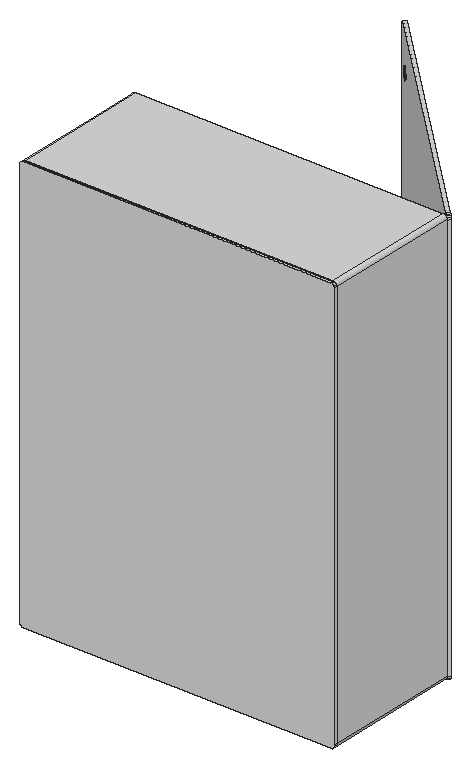
Revit family "Building-ContenitoriParete-GEWISS-46QM-QUADRI-METALLO_PORTA_CIECA", category Attrezzatura elettrica, host Muro, Revit 2016
Family settings
  Host = Muro
  Configurazione quadro = Due colonne, circuiti in orizzontale
  Tipo di parte = Pannello comandi
  Quota connettore circolare = Usa diametro
  Numero OmniClass = 23.80.30.11.17
  Titolo OmniClass = Distribution Boards and Control Panels
  Sempre verticale = Sì
  Taglio con vuoti quando caricato = No
  Condiviso = No
  Punto di calcolo locali = Sì
Parameters (values of type "GW46037 - QUADRO METALLO PORTA CIECA 800X1060X350")
  Vista di pianta [instance] = yes
  Versione file RFA = "18.0"
  URL = "https://www.gewiss.com/it/it"
  Tipologia porta = "Porta cieca"
  Tipo Materiale = "Metallo"
  Tensione nominale massima di impiego (Ue) = "690V"
  Tensione nominale di tenuta ad impulso = "690V"
  Temperatura di impiego = "-25 +60 °C"
  Struttura quadro = GEWISS - LAMIERA
  Sportello visibile [instance] = yes
  Spessore quadro = 350 mm
  Simbolo [instance] = yes
  Scheda Tecnica = "https://www.gewiss.com/it/it/search?q=GW46037"
  SEO = "Quadro"
  Resistenza agli urti = "IK10"
  Produttore = "GEWISS S.p.A."
  Potenza quadro = 0 V
  Potenza dissipabile B (W) = "284"
  Potenza dissipabile A (W) = "400"
  Porta = GEWISS - Pannello cieco : 2 FORI
  Pannello = GEWISS - LAMIERA
  Offset etichetta nome quadro [instance] = 685.076 mm
  Normativa = "EN 61439-1, EN 61439-2, EN62208, EN 60670-1, IEC 60670-24"
  Norma di riferimento = "EN 61439-1, EN 61439-2, EN62208, EN 60670-1, IEC 60670-24"
  N. serrature = "2"
  N. mod. EN 50022: = "180 (36x5)"
  N. mod. EN 50022 = "180 (36x5)"
  Modello = "GW46037"
  Materiale = "Lamiera da 10/10 a 15/10 con verniciatura a polvere epossi-poliestere"
  Maniglia visibile [instance] = yes
  Maniglia = GEWISS - NERO
  Larghezza quadro = 800 mm
  Immagine tipo = GW46031.jpg
  IFC.TypeObject = ""
  IFC.ExportType = ""
  IFC.ExportAs = ""
  IDT = "6d9352d4-07a1-4099-918e-6df1052fd717"
  IDF = "a3c974c8-1697-48ea-a9ef-4e86ceafaa34"
  H_quadro = 1060 mm
  H_da terra = 500 mm
  Grado di protezione = "IP55"
  Glow Wire Test = "650°C"
  GW - NOME QUADRO [instance] = "NOME QUADRO"
  GEWISS SCHEDA TECNICA = "http://pro.gewiss.com/irj/portal/?NavigationTarget=pcd:portal_content/com.gewiss.ZPPFDMain/com.gewiss.ZPPFDITMain/com.gewiss.ZPPFDITMainDefault/com.gewiss.ZPPFDITPages/com.gewiss.ZPPFDITPagesAP/com.gewiss.ZPPFDITPagesAPCatalogo/com.gewiss.ZPPPDITAPProductDetail&codProd=GW46037"
  Fast & Easy = "Si"
  Famiglia = "46 QM"
  Etichetta nome quadro [instance] = yes
  Distanza_fori = 100 mm
  Distanza orizzontale del simbolo [instance] = 887.355 mm
  Distanza dal muro [instance] = 4.208 mm
  Dim. nominali BxHxP (mm) = "800x1060x350"
  Dim. funzionali BxHxP (mm) = "800x1060x350"
  Descrizione = "QUADRO METALLO PORTA CIECA 800X1060X350"
  Creato da GEWISS S.p.A. = ""
  Cornice simbolo [instance] = yes
  Colore = "Grigio RAL 7035"
  Codice Electrocod = "0320"
  Codice EAN = "8011564096875"
  Classificazione carico = Other
  Classe isolamento = "Predisposto con collare di messa a terra"
  Catalogo Serie = "46 QM"
  Catalogo = "BUILDING"
  Carico Apparente = 0 VA
  COBie.Tagnumber = ""
  COBie.CreatedOn = ""
  COBie.CreatebBy = ""
  COBie.ComponentRegisterItemID = ""
  COBie.Component.TagNumber = ""
  COBie.Component.Space = ""
  COBie.Component.SerialNumber = ""
  COBie.Component.InstallationDate = ""
  COBie.Component.Description = ""
  COBie.Component.BarCode = ""
  Bidimensionale = 2D - CEP QUADRI STAGNI GWPLAST IP55 : 2 fori
  Applicazione = "Per uso interno"
  Apertura quadro [instance] = 45.00°
  Angolo di apertura reale [instance] = if(Apertura quadro < 0.00°, 0.00°, if(Apertura quadro > 180.00°, 180.00°, Apertura quadro))  # 45.00°
Types (7, lengths in mm): name | Spessore quadro | Scheda Tecnica | Potenza dissipabile B (W) | Potenza dissipabile A (W) | Porta | N. serrature | N. mod. EN 50022: | N. mod. EN 50022 | Modello | Materiale | Larghezza quadro | IDT | H_quadro | GEWISS SCHEDA TECNICA | Dim. nominali BxHxP (mm) | Dim. funzionali BxHxP (mm) | Descrizione | Codice EAN | Bidimensionale
  GW46031 - QUADRO METALLO PORTA CIECA 250X300X160 | 160 | "https://www.gewiss.com/it/it/search?q=GW46031" | "-" | "49" | GEWISS - Pannello cieco : 1 FORO | "1" | "" | "" | "GW46031" | "Lamiera da 10/10 a 15/10 con verniciatura a polvere epossi-poliestere" | 250 | "7965e0a7-b1c8-4eba-b8fe-012f0fae0d4b" | 300 | "http://pro.gewiss.com/irj/portal/?NavigationTarget=pcd:portal_content/com.gewiss.ZPPFDMain/com.gewiss.ZPPFDITMain/com.gewiss.ZPPFDITMainDefault/com.gewiss.ZPPFDITPages/com.gewiss.ZPPFDITPagesAP/com.gewiss.ZPPFDITPagesAPCatalogo/com.gewiss.ZPPPDITAPProductDetail&codProd=GW46031" | "250x300x160" | "250x300x160" | "QUADRO METALLO PORTA CIECA 250X300X160" | "8011564096813" | 2D - CEP QUADRI STAGNI GWPLAST IP55 : 1 foro
  GW46032 - QUADRO METALLO PORTA CIECA 310X425X160 | 160 | "https://www.gewiss.com/it/it/search?q=GW46032" | "58" | "70" | GEWISS - Pannello cieco : 2 FORI | "2" | "36 (12x3)" | "36 (12x3)" | "GW46032" | "Lamiera da 10/10 a 15/10 con verniciatura a polvere epossi-poliestere" | 313 | "3a63fe67-9331-4b20-a786-687445963cc0" | 424 | "http://pro.gewiss.com/irj/portal/?NavigationTarget=pcd:portal_content/com.gewiss.ZPPFDMain/com.gewiss.ZPPFDITMain/com.gewiss.ZPPFDITMainDefault/com.gewiss.ZPPFDITPages/com.gewiss.ZPPFDITPagesAP/com.gewiss.ZPPFDITPagesAPCatalogo/com.gewiss.ZPPPDITAPProductDetail&codProd=GW46032" | "310x425x160" | "310x425x160" | "QUADRO METALLO PORTA CIECA 310X425X160" | "8011564096820" | 2D - CEP QUADRI STAGNI GWPLAST IP55 : 2 fori
  GW46033 - QUADRO METALLO PORTA CIECA 405X500X200 | 200 | "https://www.gewiss.com/it/it/search?q=GW46033" | "80" | "106" | GEWISS - Pannello cieco : 2 FORI | "2" | "54 (18x3)" | "54 (18x3)" | "GW46033" | "Lamiera da 10/10 a 15/10 con verniciatura a polvere epossi-poliestere" | 405 | "0b8ae83f-1f25-4f38-be6c-835699ba7796" | 500 | "http://pro.gewiss.com/irj/portal/?NavigationTarget=pcd:portal_content/com.gewiss.ZPPFDMain/com.gewiss.ZPPFDITMain/com.gewiss.ZPPFDITMainDefault/com.gewiss.ZPPFDITPages/com.gewiss.ZPPFDITPagesAP/com.gewiss.ZPPFDITPagesAPCatalogo/com.gewiss.ZPPPDITAPProductDetail&codProd=GW46033" | "405x500x200" | "405x500x200" | "QUADRO METALLO PORTA CIECA 405X500X200" | "8011564096837" | 2D - CEP QUADRI STAGNI GWPLAST IP55 : 2 fori
  GW46034 - QUADRO METALLO PORTA CIECA 405X650X200 | 200 | "https://www.gewiss.com/it/it/search?q=GW46034" | "97" | "135" | GEWISS - Pannello cieco : 2 FORI | "2" | "72 (18x4)" | "72 (18x4)" | "GW46034" | "Lamiera da 10/10 a 15/10 con verniciatura a polvere epossi-poliestere" | 405 | "4385887b-b796-42d5-8fcc-31ae71932160" | 600 | "http://pro.gewiss.com/irj/portal/?NavigationTarget=pcd:portal_content/com.gewiss.ZPPFDMain/com.gewiss.ZPPFDITMain/com.gewiss.ZPPFDITMainDefault/com.gewiss.ZPPFDITPages/com.gewiss.ZPPFDITPagesAP/com.gewiss.ZPPFDITPagesAPCatalogo/com.gewiss.ZPPPDITAPProductDetail&codProd=GW46034" | "405x650x200" | "405x650x200" | "QUADRO METALLO PORTA CIECA 405X650X200" | "8011564096844" | 2D - CEP QUADRI STAGNI GWPLAST IP55 : 2 fori
  GW46035 - QUADRO METALLO PORTA CIECA 515X650X250 | 250 | "https://www.gewiss.com/it/it/search?q=GW46035" | "115" | "180" | GEWISS - Pannello cieco : 2 FORI | "2" | "96 (24x4)" | "96 (24x4)" | "GW46035" | "Predisposto con collare di messa a terra" | 515 | "0d3f7547-9a36-4516-b49a-73c71ef4960c" | 650 | "http://pro.gewiss.com/irj/portal/?NavigationTarget=pcd:portal_content/com.gewiss.ZPPFDMain/com.gewiss.ZPPFDITMain/com.gewiss.ZPPFDITMainDefault/com.gewiss.ZPPFDITPages/com.gewiss.ZPPFDITPagesAP/com.gewiss.ZPPFDITPagesAPCatalogo/com.gewiss.ZPPPDITAPProductDetail&codProd=GW46035" | "515x650x250" | "515x650x250" | "QUADRO METALLO PORTA CIECA 515X650X250" | "8011564096851" | 2D - CEP QUADRI STAGNI GWPLAST IP55 : 2 fori
  GW46036 - QUADRO METALLO PORTA CIECA 585X800X300 | 300 | "https://www.gewiss.com/it/it/search?q=GW46036" | "159" | "240" | GEWISS - Pannello cieco : 2 FORI | "2" | "140 (28x5)" | "140 (28x5)" | "GW46036" | "Lamiera da 10/10 a 15/10 con verniciatura a polvere epossi-poliestere" | 585 | "917e6349-ae0b-4624-8442-06130f2caa1d" | 800 | "http://pro.gewiss.com/irj/portal/?NavigationTarget=pcd:portal_content/com.gewiss.ZPPFDMain/com.gewiss.ZPPFDITMain/com.gewiss.ZPPFDITMainDefault/com.gewiss.ZPPFDITPages/com.gewiss.ZPPFDITPagesAP/com.gewiss.ZPPFDITPagesAPCatalogo/com.gewiss.ZPPPDITAPProductDetail&codProd=GW46036" | "585x800x300" | "585x800x300" | "QUADRO METALLO PORTA CIECA 585X800X300" | "8011564096868" | 2D - CEP QUADRI STAGNI GWPLAST IP55 : 2 fori
  GW46037 - QUADRO METALLO PORTA CIECA 800X1060X350 | 350 | "https://www.gewiss.com/it/it/search?q=GW46037" | "284" | "400" | GEWISS - Pannello cieco : 2 FORI | "2" | "180 (36x5)" | "180 (36x5)" | "GW46037" | "Lamiera da 10/10 a 15/10 con verniciatura a polvere epossi-poliestere" | 800 | "6d9352d4-07a1-4099-918e-6df1052fd717" | 1060 | "http://pro.gewiss.com/irj/portal/?NavigationTarget=pcd:portal_content/com.gewiss.ZPPFDMain/com.gewiss.ZPPFDITMain/com.gewiss.ZPPFDITMainDefault/com.gewiss.ZPPFDITPages/com.gewiss.ZPPFDITPagesAP/com.gewiss.ZPPFDITPagesAPCatalogo/com.gewiss.ZPPPDITAPProductDetail&codProd=GW46037" | "800x1060x350" | "800x1060x350" | "QUADRO METALLO PORTA CIECA 800X1060X350" | "8011564096875" | 2D - CEP QUADRI STAGNI GWPLAST IP55 : 2 fori
Reference planes
  plane 1 "Muro": y = 0
  plane 2 "Centro (Sinistra/Destra)": x = 125
  plane 3 "Indietro": y = 75
  plane 4 "SX": x = -275
  plane 5 "DX": x = 525
  plane 6: y = 431
  plane 7 "Base quadro": z = 500
  plane 8: z = 1560
  plane 9: y = 81
  plane 10: z = 1030
  plane 11: x = -1162.355
  plane 12: y = 760.076
Forms (mm)
  Extrusion 1, solid, material "GEWISS - LAMIERA" <- "Struttura quadro"
    sketch origin (0, 0, 0) x (1, 0, 0) y (0, 0, 1)
      loop
        line (515.613, 1560) -> (-265.613, 1560)
        arc (-265.613, 1560) -> (-272.251, 1557.251) -> (-275, 1550.613) r 9.387
        line (-275, 1550.613) -> (-275, 509.387)
        arc (-275, 509.387) -> (-272.251, 502.749) -> (-265.613, 500) r 9.387
        line (-265.613, 500) -> (515.613, 500)
        arc (515.613, 500) -> (522.251, 502.749) -> (525, 509.387) r 9.387
        line (525, 509.387) -> (525, 1550.613)
        arc (525, 1550.613) -> (522.251, 1557.251) -> (515.613, 1560) r 9.387
      loop
        line (499.613, 1540) -> (-249.613, 1540)
        arc (-249.613, 1540) -> (-253.422, 1538.422) -> (-255, 1534.613) r 5.387
        line (-255, 1534.613) -> (-255, 525.387)
        arc (-255, 525.387) -> (-253.422, 521.578) -> (-249.613, 520) r 5.387
        line (-249.613, 520) -> (499.613, 520)
        arc (499.613, 520) -> (503.422, 521.578) -> (505, 525.387) r 5.387
        line (505, 525.387) -> (505, 1534.613)
        arc (505, 1534.613) -> (503.422, 1538.422) -> (499.613, 1540) r 5.387
    from -431 to -81
  Extrusion 2, solid, material "GEWISS - LAMIERA" <- "Pannello"
    sketch origin (0, 0, 0) x (1, 0, 0) y (0, 0, 1)
      loop
        arc (-265.613, 1560) -> (-272.251, 1557.251) -> (-275, 1550.613) r 9.387
        line (-275, 1550.613) -> (-275, 509.387)
        arc (-275, 509.387) -> (-272.251, 502.749) -> (-265.613, 500) r 9.387
        line (-265.613, 500) -> (515.613, 500)
        arc (515.613, 500) -> (522.251, 502.749) -> (525, 509.387) r 9.387
        line (525, 509.387) -> (525, 1550.613)
        arc (525, 1550.613) -> (522.251, 1557.251) -> (515.613, 1560) r 9.387
        line (515.613, 1560) -> (-265.613, 1560)
    from -81 to -75
Lines and regions (mm)
  Masking region 1, visible <- "Vista di pianta"
    outline origin (-33, 241, 0) x (0.984808, 0.173648, 0) y (-0.173648, 0.984808, 0)
      loop
        line (520.697, -260.374) -> (582.516, 90.218) -> (-205.33, 229.136) -> (-267.149, -121.455) -> (520.697, -260.374)
  Masking region 2
    outline origin (125, 0, 0) x (0, 1, 0) y (0, 0, 1)
      loop
        line (75, 500) -> (431, 500) -> (431, 1560) -> (75, 1560) -> (75, 500)
  Masking region 3, visible <- "Vista di pianta"
    outline origin (58.192, 267.308, 0) x (0.984808, 0.173648, 0) y (-0.173648, 0.984808, 0)
      loop
        line (494.694, 84.733) -> (35.833, 740.055) -> (29.28, 735.466) -> (488.141, 80.145) -> (494.694, 84.733)
  Masking region 4, visible <- "Vista di pianta", not visible
    outline origin (-16.308, 224.308, 0) x (0.984808, 0.173648, 0) y (-0.173648, 0.984808, 0)
      loop
        line (103.699, 200.786) -> (247.093, -4.002) -> (253.646, 0.586) -> (110.252, 205.374) -> (103.699, 200.786)
  reference lines
    curve 1: line (525, 431, 0) -> (242.157, 713.843, 0)
Text (mm)
  text "Lato posizionamento" at (-2540.362, 1733.729, 0), in view "Livello rif."
  text "Lato posizionamento" at (0, 1409.804, 2854.306), in view "Sinistra"
  text "Lato posizionamento" at (0, 499.811, 2980.732), in view "Destra"
Dimensions and locks
  locked: plane 3 "Indietro" to host wall
  "H_da terra": level to plane 7 "Base quadro"
  "H_quadro": plane 7 "Base quadro" to plane 8
  locked: plane 9 to host wall at 6
  "Spessore quadro": plane 6 to plane 9
  equal spacing: plane 7 "Base quadro", plane 10, plane 8
  "Larghezza quadro": plane 4 "SX" to plane 5 "DX"
  "Distanza orizzontale del simbolo": plane 11 to plane 4 "SX"
  "Offset etichetta nome quadro": plane 12 to plane 3 "Indietro"
  equal spacing: plane 4 "SX", plane 2 "Centro (Sinistra/Destra)", plane 5 "DX"
  locked: Extrusion 1 sketch curve to Extrusion 1 sketch curve at 20  (x4)
  "Apertura quadro": angle curve 1 to plane 6
  aligned and locked: plane 1 "Muro" to host wall
  aligned and locked: plane 8 to Extrusion 1 sketch curve
  aligned and locked: plane 5 "DX" to Extrusion 1 sketch curve
  aligned and locked: Extrusion 1 sketch curve to plane 7 "Base quadro"
  aligned and locked: Extrusion 1 sketch curve to plane 4 "SX"
  aligned and locked: plane 6 to Extrusion 1
  aligned and locked: Extrusion 1 to plane 9
  aligned and locked: plane 9 to Extrusion 2
  aligned and locked: Extrusion 2 to host wall
  aligned and locked: nested 2 to plane 12
  aligned and locked: plane 11 to nested 3
  aligned and locked: Masking region 1 sketch curve to plane 6
  aligned and locked: Masking region 1 sketch curve to plane 3 "Indietro"
  aligned and locked: Masking region 1 sketch curve to plane 5 "DX"
  aligned and locked: plane 4 "SX" to Masking region 1 sketch curve
  aligned and locked: Masking region 2 sketch curve to Extrusion 2
  aligned and locked: Masking region 2 sketch curve to Extrusion 1  (x2)
  aligned and locked: nested 4 to plane 10
  aligned and locked: plane 5 "DX" to nested 4
  aligned and locked: plane 7 "Base quadro" to nested 1
  aligned and locked: plane 6 to Masking region 1  (x2)
  aligned and locked: Extrusion 2 sketch curve to Extrusion 1  (x4)
  aligned and locked: plane 2 "Centro (Sinistra/Destra)" to nested 2
  aligned and locked: plane 5 "DX" to curve 1
  aligned and locked: nested 1 to curve 1  (x2)
  aligned and locked: Masking region 3 sketch curve to nested 1
Automatic sketch dimensions
  Extrusion 1 sketch curve to Extrusion 1 sketch curve = 5.387 mm  (x3)
  Extrusion 1 sketch curve to Extrusion 1 sketch curve = 10.613 mm
  Extrusion 1 sketch curve to Extrusion 1 sketch curve = 16 mm  (x4)
  Extrusion 2 sketch curve to Extrusion 2 sketch curve = 9.387 mm  (x2)
  Extrusion 2 sketch curve to plane 5 "DX" = 9.387 mm  (x2)
  Masking region 2 sketch curve to plane 7 "Base quadro" = 0 mm
  Masking region 4 sketch curve to Masking region 4 sketch curve = 6.553 mm
  Masking region 4 sketch curve to Masking region 4 sketch curve = 143.394 mm
  Masking region 4 sketch curve to Masking region 4 sketch curve = 4.589 mm
  Masking region 3 sketch curve to plane 5 "DX" = 0 mm
  Masking region 3 sketch curve to plane 6 = 0 mm
  Masking region 3 sketch curve to Masking region 3 sketch curve = 4.589 mm
  curve 1 to plane 6 = 0 mm
Nested families
  nested 1: "GEWISS - Pannello cieco" at (242.157, 713.843, 104) x (0.7071, -0.7071, 0) z (0, 0, 1), visible <- "Sportello visibile", H_pannello <- "H_quadro", Larghezza pannello <- "Larghezza quadro", type <- "Porta", type "2 FORI"
    with Larghezza pannello 800 mm, H_pannello 1060 mm
  nested 2: "NOME QUADRO" at (125, 760.076, 0), TXT <- "GW - NOME QUADRO", visible <- "Etichetta nome quadro", type "NOME QUADRO"
    with TXT "NOME QUADRO"
  nested 3: "QUADRILAN" at (-1162.355, 75, 0), Distanza dal muro <- "Distanza dal muro", BORDO ACCESO <- "Cornice simbolo", SIMBOLO ACCESO <- "Simbolo", type "QUADRILAN"
    with SIMBOLO ACCESO yes, Distanza dal muro 4.208 mm, BORDO ACCESO yes
  nested 4: "2D - CEP QUADRI STAGNI GWPLAST IP55" at (125, 0, 1030) x (-1, 0, 0) z (0, -1, 0), Altezza <- "H_quadro", Larghezza <- "Larghezza quadro", type <- "Bidimensionale", type "2 fori"
    with Larghezza 800 mm, Altezza 1060 mm
  nested 5: "GEWISS - Pannello cieco" at (139.338, 351.662, 104) x (0.7071, -0.7071, 0) z (0, 0, 1), visible <- "Sportello visibile", H_pannello <- "H_quadro", Larghezza pannello <- "Larghezza quadro", type <- "Porta", type "2 FORI", not visible
    with Larghezza pannello 800 mm, H_pannello 1060 mm
Connectors
  electrical at (125, 256, 1560), driven by "Carico Apparente", driven by "Classificazione carico", driven by "Potenza quadro"
    settings: on Extrusion 1, index 1, voltage 0 V, apparent load 0 VA, apparent load phase1 0 VA, apparent load phase2 0 VA, apparent load phase3 0 VA, power factor 1, load classification "Other", number of poles 1, system type 31, power factor state 1, is connector primary yes, connector utility no, sub classification motor no, connector description ""
Definition of nested family "GEWISS - Pannello cieco"
  Parameters (values of type "2 FORI")
    Default Elevation = 1219.2 mm
    Pannello = none
    Maniglia = none
    Larghezza pannello [instance] = 316 mm
    H_pannello [instance] = 396 mm
    H_da terra = 396 mm
    2 FORI = yes
    1 FORO = no
  Types (3, lengths in mm): name | 2 FORI | 1 FORO
    (no name) | yes | no
    1 FORO | no | yes
    2 FORI | yes | no
  Reference planes
    plane 1 "Centro (Fronte/Retro)": y = 0
    plane 2: z = 0
    plane 3 "Centro (Sinistra/Destra)": x = 0
    plane 4: x = -158
    plane 5: x = 158
    plane 6: y = 8
    plane 7: z = 792
    plane 8: z = 396
    plane 9: z = 594
    plane 10: x = -115.8
    plane 11: z = 691.5
    plane 12: z = 508.2
  Forms (mm)
    Extrusion 1, solid, material <- "Pannello", visible <- "1 FORO"
      sketch origin (0, 0, 0) x (1, 0, 0) y (0, 0, 1)
        loop
          line (-148.613, 792) -> (-152.972, 790.92) -> (-155.581, 788.905) -> (-157.569, 785.491) -> (-158, 781.674) -> (-158, 406.326) -> (-157.277, 401.774) -> (-155.331, 398.831) -> (-152.312, 396.76) -> (-148.613, 396) -> (148.613, 396) -> (152.205, 396.714) -> (155.251, 398.749) -> (157.335, 401.918) -> (158, 406.326) -> (158, 781.674) -> (157.678, 785.136) -> (155.581, 788.905) -> (152.77, 791.023) -> (148.613, 792) -> (-148.613, 792)
        loop
          circle (-115.8, 594) r 14.644
      from -8 to 0
    Extrusion 2, solid, material <- "Maniglia", visible <- "1 FORO"
      sketch origin (0, 0, 0) x (1, 0, 0) y (0, 0, 1)
        loop
          circle (-115.8, 594) r 14.644
      from -8 to 0
    Extrusion 3, solid, material <- "Pannello", visible <- "2 FORI"
      sketch origin (0, 0, 0) x (1, 0, 0) y (0, 0, 1)
        loop
          line (-148.613, 792) -> (-152.972, 790.92) -> (-155.581, 788.905) -> (-157.569, 785.491) -> (-158, 781.674) -> (-158, 406.326) -> (-157.277, 401.774) -> (-155.331, 398.831) -> (-152.312, 396.76) -> (-148.613, 396) -> (148.613, 396) -> (152.205, 396.714) -> (155.251, 398.749) -> (157.335, 401.918) -> (158, 406.326) -> (158, 781.674) -> (157.678, 785.136) -> (155.581, 788.905) -> (152.77, 791.023) -> (148.613, 792) -> (-148.613, 792)
        loop
          circle (-115.8, 691.5) r 14.644
        loop
          circle (-115.8, 508.2) r 14.644
      from -8 to 0
    Extrusion 4, solid, material <- "Maniglia", visible <- "2 FORI"
      sketch origin (0, 0, 0) x (1, 0, 0) y (0, 0, 1)
        loop
          circle (-115.8, 691.5) r 14.644
        loop
          circle (-115.8, 508.2) r 14.644
      from -8 to 0
  Dimensions and locks
    locked: plane 1 "Centro (Fronte/Retro)" to plane 6 at 8
    "H_pannello": plane 7 to plane 8
    "H_da terra": plane 8 to plane 2
    "Larghezza pannello": plane 4 to plane 5
    equal spacing: plane 5, plane 3 "Centro (Sinistra/Destra)", plane 4
    equal spacing: plane 7, plane 9, plane 8
    locked: plane 7 to plane 11 at 100.5
    locked: plane 12 to plane 8 at 112.2
    locked: plane 10 to plane 4 at 42.2
    aligned and locked: level to plane 2
    aligned and locked: plane 6 to Extrusion 1
    aligned and locked: plane 1 "Centro (Fronte/Retro)" to Extrusion 1
    aligned and locked: plane 6 to Extrusion 2
    aligned and locked: plane 1 "Centro (Fronte/Retro)" to Extrusion 2
    aligned and locked: plane 9 to Extrusion 1 sketch curve
    aligned and locked: Extrusion 2 sketch curve to Extrusion 1
  Automatic sketch dimensions
    plane 4 to Extrusion 1 sketch curve = 0.431 mm
    plane 4 to Extrusion 1 sketch curve = 0.723 mm
    plane 4 to Extrusion 1 sketch curve = 2.419 mm
    plane 4 to Extrusion 1 sketch curve = 2.669 mm
    Extrusion 1 sketch curve to plane 7 = 1.08 mm
    Extrusion 1 sketch curve to Extrusion 1 sketch curve = 2.609 mm
    plane 8 to Extrusion 1 sketch curve = 0.76 mm
    Extrusion 1 sketch curve to Extrusion 1 sketch curve = 3.019 mm
    Extrusion 1 sketch curve to Extrusion 1 sketch curve = 4.359 mm
    Extrusion 1 sketch curve to Extrusion 1 sketch curve = 3.699 mm
    Extrusion 1 sketch curve to plane 5 = 9.387 mm  (x2)
    plane 8 to Extrusion 1 sketch curve = 0.714 mm
    Extrusion 1 sketch curve to Extrusion 1 sketch curve = 3.592 mm
    Extrusion 1 sketch curve to plane 7 = 0.977 mm
    Extrusion 1 sketch curve to Extrusion 1 sketch curve = 4.157 mm
    Extrusion 1 sketch curve to plane 5 = 2.749 mm
    Extrusion 1 sketch curve to plane 5 = 2.419 mm
    Extrusion 1 sketch curve to plane 5 = 0.665 mm
    Extrusion 1 sketch curve to plane 5 = 0.322 mm
    plane 8 to Extrusion 1 sketch curve = 2.749 mm
    plane 8 to Extrusion 1 sketch curve = 2.831 mm
    Extrusion 1 sketch curve to Extrusion 1 sketch curve = 2.944 mm
    Extrusion 1 sketch curve to Extrusion 1 sketch curve = 3.168 mm
    Extrusion 1 sketch curve to Extrusion 1 sketch curve = 4.408 mm
    Extrusion 1 sketch curve to Extrusion 1 sketch curve = 4.552 mm
    Extrusion 1 sketch curve to plane 7 = 10.326 mm  (x2)
    Extrusion 1 sketch curve to Extrusion 1 sketch curve = 3.462 mm
    Extrusion 1 sketch curve to Extrusion 1 sketch curve = 3.817 mm
    Extrusion 1 sketch curve to plane 7 = 3.095 mm  (x2)
    Extrusion 1 sketch curve to plane 4 = 0 mm
    Extrusion 1 sketch curve to plane 5 = 0 mm
    Extrusion 1 sketch curve to plane 8 = 0 mm
    Extrusion 1 sketch curve to plane 7 = 0 mm
    Extrusion 1 sketch curve to plane 10 = 0 mm
    Extrusion 1 sketch curve to Extrusion 1 sketch curve = 14.644 mm
    Extrusion 3 sketch curve to Extrusion 3 sketch curve = 0 mm  (x4)
    Extrusion 3 sketch curve to plane 4 = 0 mm
    Extrusion 3 sketch curve to plane 7 = 0 mm
    Extrusion 3 sketch curve to plane 8 = 0 mm
    Extrusion 3 sketch curve to plane 11 = 0 mm
    Extrusion 3 sketch curve to plane 12 = 0 mm
    Extrusion 3 sketch curve to plane 10 = 0 mm  (x2)
    Extrusion 3 sketch curve to plane 5 = 0 mm
    plane 4 to Extrusion 3 sketch curve = 0.431 mm
    plane 4 to Extrusion 3 sketch curve = 0.723 mm
    plane 4 to Extrusion 3 sketch curve = 2.419 mm
    plane 4 to Extrusion 3 sketch curve = 2.669 mm
    Extrusion 3 sketch curve to plane 7 = 1.08 mm
    Extrusion 3 sketch curve to Extrusion 3 sketch curve = 2.609 mm
    plane 8 to Extrusion 3 sketch curve = 0.76 mm
    Extrusion 3 sketch curve to Extrusion 3 sketch curve = 3.019 mm
    Extrusion 3 sketch curve to Extrusion 3 sketch curve = 4.359 mm
    Extrusion 3 sketch curve to Extrusion 3 sketch curve = 3.699 mm
    Extrusion 3 sketch curve to plane 5 = 9.387 mm  (x2)
    plane 8 to Extrusion 3 sketch curve = 0.714 mm
    Extrusion 3 sketch curve to Extrusion 3 sketch curve = 3.592 mm
    Extrusion 3 sketch curve to plane 7 = 0.977 mm
    Extrusion 3 sketch curve to Extrusion 3 sketch curve = 4.157 mm
    Extrusion 3 sketch curve to plane 5 = 2.749 mm
    Extrusion 3 sketch curve to plane 5 = 2.419 mm
    Extrusion 3 sketch curve to plane 5 = 0.665 mm
    Extrusion 3 sketch curve to plane 5 = 0.322 mm
    plane 8 to Extrusion 3 sketch curve = 2.749 mm
    plane 8 to Extrusion 3 sketch curve = 2.831 mm
    Extrusion 3 sketch curve to Extrusion 3 sketch curve = 2.944 mm
    Extrusion 3 sketch curve to Extrusion 3 sketch curve = 3.168 mm
    Extrusion 3 sketch curve to Extrusion 3 sketch curve = 4.552 mm
    Extrusion 3 sketch curve to Extrusion 3 sketch curve = 4.408 mm
    Extrusion 3 sketch curve to plane 7 = 10.326 mm  (x2)
    Extrusion 3 sketch curve to Extrusion 3 sketch curve = 3.462 mm
    Extrusion 3 sketch curve to Extrusion 3 sketch curve = 3.817 mm
    Extrusion 3 sketch curve to plane 7 = 3.095 mm  (x2)
    Extrusion 3 sketch curve to Extrusion 3 sketch curve = 14.644 mm  (x2)
    Extrusion 4 sketch curve to plane 10 = 0 mm  (x2)
    Extrusion 4 sketch curve to plane 12 = 0 mm
    Extrusion 4 sketch curve to plane 11 = 0 mm
    radius of Extrusion 4 sketch curve = 14.644 mm  (x2)
Definition of nested family "NOME QUADRO"
  Parameters (values of type "NOME QUADRO")
    TXT [instance] = ""
  Reference planes
    plane 1: y = 0
    plane 2: x = 0
  Text (mm)
    label "NOME QUADRO" at (0.217, 0.029, 0), shows "TXT"
Definition of nested family "QUADRILAN"
  Parameters (values of type "QUADRILAN")
    SIMBOLO ACCESO [instance] = yes
    Distanza dal muro [instance] = 4.208 mm
    BORDO ACCESO [instance] = yes
  Reference planes
    plane 1: y = 0
    plane 2: x = 0
  Dimensions and locks
    "Distanza dal muro": plane 1 to nested 1
    aligned and locked: plane 2 to nested 1
  Nested families
    nested 1: "QUADRILAN_BASE" at (0, 4.208, 0), BORDO ACCESO <- "BORDO ACCESO", visible <- "SIMBOLO ACCESO", type "QUADRILAN"
      with BORDO ACCESO yes
  Definition of nested family "QUADRILAN_BASE"
    Parameters (values of type "QUADRILAN")
      Distanza dal muro = 4.208 mm
      BORDO ACCESO [instance] = yes
    Reference planes
      plane 1: y = 0
      plane 2: x = 0
    Lines and regions (mm)
      detail lines, visible <- "BORDO ACCESO"
        curve 1: line (-2, 2.5, 0) -> (2, 2.5, 0)
        curve 2: line (2, 2.5, 0) -> (2, 0, 0)
        curve 3: line (2, 0, 0) -> (-2, 0, 0)
        curve 4: line (-2, 0, 0) -> (-2, 2.5, 0)
        curve 5: line (-1.9, 2.4, 0) -> (1.9, 2.4, 0)
        curve 6: line (1.9, 2.4, 0) -> (1.9, 0.1, 0)
        curve 7: line (1.9, 0.1, 0) -> (-1.9, 0.1, 0)
        curve 8: line (-1.9, 0.1, 0) -> (-1.9, 2.4, 0)
      detail lines, visible <- "BORDO ACCESO", not visible
        curve 9: line (-2.443, 10.208, 0) -> (2.057, 10.208, 0)
        curve 10: line (2.057, 10.208, 0) -> (2.057, 4.208, 0)
        curve 11: line (2.057, 4.208, 0) -> (-2.443, 4.208, 0)
        curve 12: line (-2.443, 4.208, 0) -> (-2.443, 10.208, 0)
        curve 13: line (-2.043, 9.808, 0) -> (1.657, 9.808, 0)
        curve 14: line (1.657, 9.808, 0) -> (1.657, 4.608, 0)
        curve 15: line (1.657, 4.608, 0) -> (-2.043, 4.608, 0)
        curve 16: line (-2.043, 4.608, 0) -> (-2.043, 9.808, 0)
      detail lines
        curve 17: line (1.731, 0.358, 0) -> (-1.731, 2.088, 0)
        curve 18: line (-1.731, 2.088, 0) -> (-0.201, 2.088, 0)
        curve 19: line (-0.201, 2.088, 0) -> (1.731, 2.088, 0)
        curve 20: line (1.731, 2.088, 0) -> (1.731, 0.358, 0)
        curve 21: line (1.731, 0.358, 0) -> (-1.731, 0.358, 0)
        curve 22: line (-1.731, 0.358, 0) -> (-1.731, 2.088, 0)
    Dimensions and locks
      aligned and locked: curve 3 to plane 1
Definition of nested family "2D - CEP QUADRI STAGNI GWPLAST IP55"
  Parameters (values of type "1 foro")
    Larghezza [instance] = 396 mm
    Altezza [instance] = 474 mm
    2 fori = no
    1 foro = yes
  Types (2, lengths in mm): name | 2 fori | 1 foro
    1 foro | no | yes
    2 fori | yes | no
  Reference planes
    plane 1 "Centro (Fronte/Retro)": y = 0
    plane 2: z = 0
    plane 3 "Centro (Sinistra/Destra)": x = 0
    plane 4: x = -198
    plane 5: x = 198
    plane 6: y = 237
    plane 7: y = -237
  Lines and regions (mm)
    model lines, in view "Livello rif.", visible <- "2 fori", detail levels medium+fine
      curve 1: circle (155.757, -136.483, 0) r 14.644 normal (0, 0, 1)
      curve 2: circle (155.757, -136.483, 0) r 11.828 normal (0, 0, 1)
      curve 3: circle (155.757, -136.483, 0) r 7.04 normal (0, 0, 1)
      curve 4: circle (155.757, 124.834, 0) r 11.828 normal (0, 0, 1)
      curve 5: circle (155.757, 124.834, 0) r 14.644 normal (0, 0, 1)
      curve 6: circle (155.757, 124.834, 0) r 7.04 normal (0, 0, 1)
    model lines, in view "Livello rif."
      curve 7: line (-188.613, -237, 0) -> (-192.172, -236.299, 0)
      curve 8: line (-192.172, -236.299, 0) -> (-195.251, -234.251, 0)
      curve 9: line (-195.251, -234.251, 0) -> (-197.445, -230.793, 0)
      curve 10: line (-197.445, -230.793, 0) -> (-198, -227.613, 0)
      curve 11: line (-198, -227.613, 0) -> (-198, 226.674, 0)
      curve 13: line (198, 226.674, 0) -> (198, -227.613, 0)
      curve 14: line (198, -227.613, 0) -> (197.281, -231.215, 0)
      curve 15: line (197.281, -231.215, 0) -> (195.251, -234.251, 0)
      curve 16: line (195.251, -234.251, 0) -> (192.25, -236.267, 0)
      curve 17: line (192.25, -236.267, 0) -> (188.613, -237, 0)
      curve 18: line (188.613, -237, 0) -> (-188.613, -237, 0)
      curve 20: line (-198, 226.674, 0) -> (-198, 227.613, 0)
      curve 21: line (-198, 227.613, 0) -> (-197.339, 231.072, 0)
      curve 22: line (-197.339, 231.072, 0) -> (-195.362, 234.137, 0)
      curve 23: line (-195.362, 234.137, 0) -> (-192.869, 235.98, 0)
      curve 24: line (-192.869, 235.98, 0) -> (-188.613, 237, 0)
      curve 25: line (-188.613, 237, 0) -> (188.613, 237, 0)
      curve 26: line (188.613, 237, 0) -> (192.796, 236.016, 0)
      curve 27: line (192.796, 236.016, 0) -> (195.251, 234.251, 0)
      curve 28: line (195.251, 234.251, 0) -> (197.047, 231.734, 0)
      curve 29: line (197.047, 231.734, 0) -> (198, 227.613, 0)
      curve 30: line (198, 227.613, 0) -> (198, 226.674, 0)
    model lines, in view "Livello rif.", detail levels medium+fine
      curve 12: line (-198, 226.674, 0) -> (198, 226.674, 0)
      curve 19: line (198, -226.674, 0) -> (-198, -226.674, 0)
    detail lines, in view "Livello rif.", visible <- "1 foro", detail levels medium+fine
      curve 31: circle (155.757, 0, 0) r 11.828 normal (0, 0, 1)
      curve 32: circle (155.757, 0, 0) r 14.644 normal (0, 0, 1)
      curve 33: circle (155.757, 0, 0) r 7.04 normal (0, 0, 1)
  Dimensions and locks
    equal spacing: plane 6, plane 1 "Centro (Fronte/Retro)", plane 7
    "Altezza": plane 6 to plane 7
    equal spacing: plane 4, plane 3 "Centro (Sinistra/Destra)", plane 5
    "Larghezza": plane 4 to plane 5
    locked: curve 6 to plane 5 at 42.243
    locked: plane 6 to curve 5 at 112.166
    locked: curve 1 to plane 7 at 100.517
    curve 2 to plane 5 = 42.243 mm
    locked: curve 31 to plane 5 at 42.243
    aligned and locked: curve 25 to plane 6
    aligned and locked: plane 7 to curve 18
    aligned and locked: curve 13 to plane 5
    aligned and locked: plane 4 to curve 11
  Automatic sketch dimensions
    curve 1 to curve 2 = 0 mm  (x2)
    curve 1 to curve 3 = 0 mm  (x2)
    curve 4 to curve 5 = 0 mm  (x2)
    curve 4 to curve 6 = 0 mm  (x2)
    curve 31 to curve 32 = 0 mm  (x3)
    curve 32 to curve 33 = 0 mm  (x3)
    plane 4 to curve 10 = 0.555 mm
    plane 4 to curve 22 = 0.661 mm
    plane 4 to curve 22 = 2.638 mm
    plane 4 to curve 9 = 2.749 mm
    curve 23 to plane 6 = 1.02 mm
    curve 22 to curve 23 = 2.493 mm
    plane 7 to curve 8 = 0.701 mm
    curve 8 to curve 8 = 3.078 mm
    curve 7 to curve 18 = 3.56 mm
    curve 23 to curve 24 = 4.256 mm
    curve 26 to plane 5 = 9.387 mm
    curve 17 to plane 5 = 9.387 mm
    plane 7 to curve 16 = 0.733 mm
    curve 17 to curve 16 = 3.637 mm
    curve 26 to plane 6 = 0.984 mm
    curve 25 to curve 26 = 4.183 mm
    curve 28 to plane 5 = 2.749 mm
    curve 15 to plane 5 = 2.749 mm
    curve 28 to plane 5 = 0.953 mm
    curve 14 to plane 5 = 0.719 mm
    plane 7 to curve 15 = 2.749 mm
    plane 7 to curve 8 = 2.749 mm
    curve 15 to curve 15 = 3.036 mm
    curve 8 to curve 9 = 3.458 mm
    curve 9 to curve 11 = 3.18 mm
    curve 14 to curve 13 = 3.602 mm
    curve 20 to plane 6 = 10.326 mm
    curve 12 to curve 29 = 0.939 mm
    curve 11 to curve 21 = 0.939 mm
    curve 20 to curve 22 = 3.46 mm
    curve 29 to curve 28 = 4.121 mm
    curve 22 to plane 6 = 2.863 mm
    curve 27 to plane 6 = 2.749 mm
    curve 13 to curve 19 = 0.939 mm
    curve 31 to curve 33 = 0 mm
    plane 1 "Centro (Fronte/Retro)" to curve 33 = 0 mm
    radius of curve 1 = 14.644 mm
    radius of curve 2 = 11.828 mm
    radius of curve 3 = 7.04 mm
    radius of curve 4 = 11.828 mm
    radius of curve 5 = 14.644 mm
    radius of curve 6 = 7.04 mm
    radius of curve 31 = 11.828 mm
    radius of curve 32 = 14.644 mm
    radius of curve 33 = 7.04 mm
